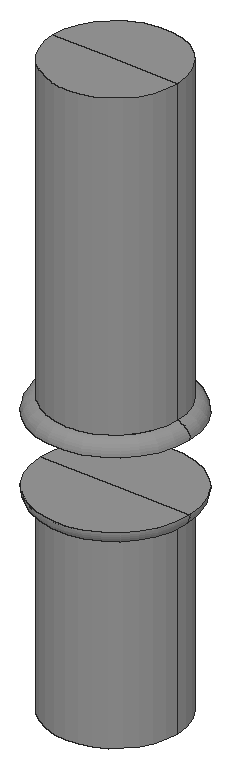
Revit family "AlarmsWiredDoorContactRecessed", category Security Devices, host Face, Revit 2019
Family settings
  Host = Face
  Maintain Annotation Orientation = Yes
  Round Connector Dimension = Use Diameter
  Part Type = Normal
  Cut with Voids When Loaded = No
  Shared = No
  Room Calculation Point = Yes
Parameters (values of type "BR13")
  URL = "https://docs.verkada.com/docs/intrusion-sensors-overview.pdf#page=10"
  Type Image = BR13.png
  Type Comments = ""
  Model = "BR13"
  Manufacturer = "VERKADA"  # constant formula
  Description = "WIRED DOOR CONTACT - RECESSED MOUNT"
  Default Elevation = 42.0"
Reference planes (in)
  plane 1 "Center (Front/Back)": y = 0
  plane 2: z = 0
  plane 3 "Center (Left/Right)": x = 0
Forms (in)
  Revolve 1, solid
    sketch origin (0, 0, -0.09808) x (1, 0, 0) y (0, 0, 1)
      loop
        line (0, -0.58258) -> (0.1811, -0.58258) -> (0.1811, -0.03927)
        arc (0.1811, -0.03927) -> (0.2064, -0.02647) -> (0.21654, 0) r 0.03937
        line (0.21654, 0) -> (0, 0) -> (0, -0.58258)
      loop
        line (0, 1.11349) -> (0, 0.19617) -> (0.21654, 0.19617)
        arc (0.21654, 0.19617) -> (0.2064, 0.22264) -> (0.1811, 0.23544) r 0.03937
        line (0.1811, 0.23544) -> (0.1811, 1.11349) -> (0, 1.11349)
      axis (0, 1.11349) -> (0, -0.58258)
    angle from 0 to 360
Dimensions and locks (in)
  aligned and locked: plane 2 to host face
  aligned and locked: level to host face
Nested families (in)
  nested 1: "PlanSymbol_DoorSensor" at (0, 0, 0), type "Standard"
Connectors (in)
  electrical at (0, 0, 0)
    settings: index 2, voltage 0 V, apparent load 0 VA, apparent load phase1 0 VA, apparent load phase2 0 VA, apparent load phase3 0 VA, power factor 1, load classification "Other", number of poles 1, system type 10, power factor state 1, is connector primary yes, connector utility no, sub classification motor no, connector description ""
Definition of nested family "PlanSymbol_DoorSensor"
  Reference planes (in)
    plane 1: y = 0
    plane 2: x = 0
  Lines and regions (in)
    Masking region 1
      outline origin (0, 0, 0) x (1, 0, 0) y (0, 1, 0)
        loop
          line (0.08563, 0.04134) -> (0.12067, 0.04134)
          arc (0.12067, 0.04134) -> (0, 0.12756) -> (-0.12067, 0.04134) r 0.12756
          line (-0.12067, 0.04134) -> (-0.08563, 0.04134) -> (0.08563, 0.04134)
    Masking region 2
      outline origin (0, 0, 0) x (1, 0, 0) y (0, 1, 0)
        loop
          line (-0.08563, 0.04134) -> (-0.12067, 0.04134)
          arc (-0.12067, 0.04134) -> (-0.12756, 0) -> (-0.12067, -0.04134) r 0.12756
          line (-0.12067, -0.04134) -> (-0.08563, -0.04134) -> (0.08563, -0.04134) -> (0.12067, -0.04134)
          arc (0.12067, -0.04134) -> (0.12756, 0) -> (0.12067, 0.04134) r 0.12756
          line (0.12067, 0.04134) -> (0.08563, 0.04134) -> (-0.08563, 0.04134)
    Masking region 3
      outline origin (0, 0, 0) x (0, -1, 0) y (1, 0, 0)
        loop
          line (0.04134, 0.08563) -> (0.04134, -0.08563) -> (0.04134, -0.12067)
          arc (0.04134, -0.12067) -> (0.12756, 0) -> (0.04134, 0.12067) r 0.12756
          line (0.04134, 0.12067) -> (0.04134, 0.08563)
